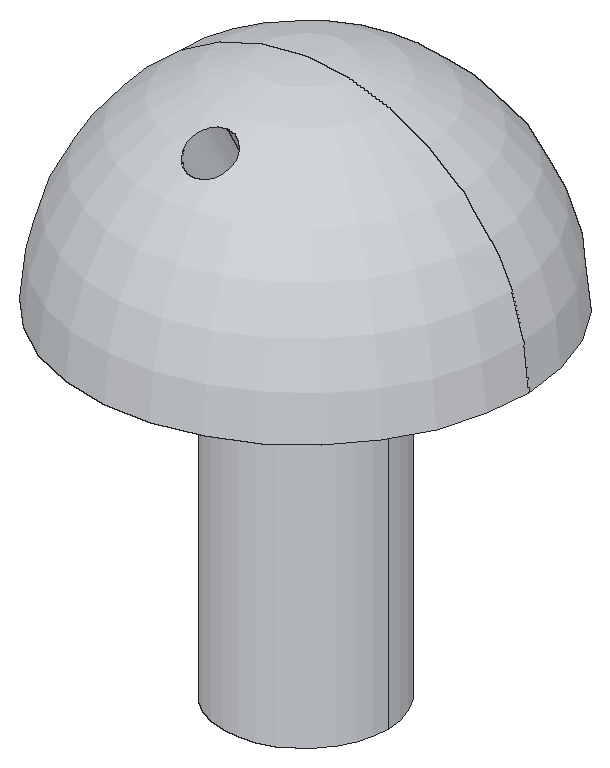
Revit family "BHF BUBBLER", category Plumbing Fixtures, Revit 2015
Reference planes (in)
  plane 1 "Center (Front/Back)": y = 0
  plane 2: z = 0
  plane 3 "Center (Left/Right)": x = 0
Forms (in)
  Revolve 1, solid
    sketch origin (0, 0, -1.57) x (1, 0, 0) y (0, 0, 1)
      loop
        line (0, 0) -> (0.375, 0) -> (0.375, 1.57) -> (1, 1.57)
        arc (1, 1.57) -> (0.70711, 2.27711) -> (0, 2.57) r 1
        line (0, 2.57) -> (0, 0)
      axis (0, 2.57) -> (0, 0)
    angle from 0 to 360
  Revolve 2, void
    sketch origin (0, 0, 0) x (0, 1, 0) y (0, 0, 1)
      loop
        line (-0.045, 0) -> (-0.795, 1.29904) -> (-0.8894, 1.24454) -> (-0.1394, -0.0545) -> (-0.045, 0)
      axis (-0.795, 1.29904) -> (-0.045, 0)
    angle from 0 to 360
  Extrusion 3, void
    sketch origin (0, 0, 0) x (1, 0, 0) y (0, 1, 0)
      loop
        circle (0, 0) r 0.31
    from 0 to -12
Cuts and joins
  Revolve 2, Extrusion 3 cuts Revolve 1
Dimensions and locks (in)
  aligned and locked: level to plane 2
  aligned and locked: Revolve 1 sketch curve to Revolve 1 sketch curve
Connectors (in)
  piping at (0, 0, -1.57), diameter 0.375
    settings: on cut or joined group of Revolve 1, Revolve 2, Extrusion 3, index 1, connector inside diameter 24", connector length 0' - 0", flow factor 0, pipe flow 0 GPM, pressure drop 0.00 psi, fitting loss kfactor 0, connector angle 0.00°, fixture units 0, engagement length 0' - 0", angle of deflection 0.00°, flow configuration 0, flow direction 0, fitting loss method 0, system type 7, joint type 0, gender type 0, connector reference index -1, connector utility 0, adjustable connector no, is connector primary yes, connector description ""
